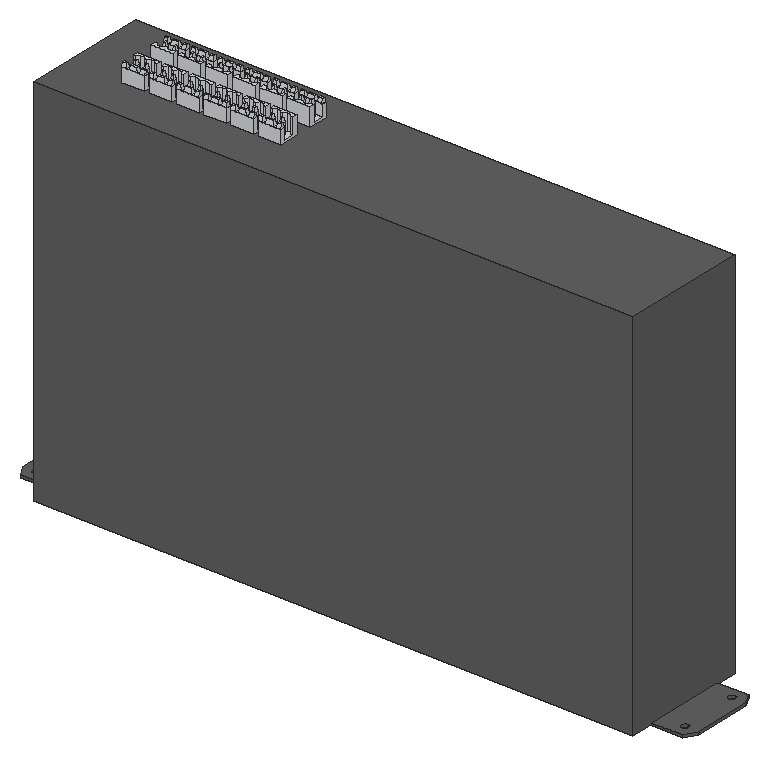
Revit family "БП220 исп3_RV17_LOD400 (05.11.23)", category Электрооборудование, Revit 2017
Family settings
  Конфигурация панели = Два столбца, слева направо
  Размер круглого соединителя = Использовать диаметр
  Тип детали = Щит
  На основе рабочей плоскости = Да
  Всегда вертикально = Нет
  При загрузке вырезать с полостями = Нет
  Общий = Нет
  Точка расчета площади = Нет
Parameters (values of type "БП220 исп3")
  Смещение_УГО_Y [instance] = 0 mm
  Смещение_УГО_X [instance] = 0 mm
  Раздел проекта [instance] = ""
  Раздел Спецификации [instance] = ""
  Default Elevation = 1219.2 mm
  Номинальный потребляемый ток, не более, А = 1.7 A
  Напряжение = "12"
  Максимальный потребляемый ток, не более, А = 3.5 A
  Интерфейс управления = "RS-485"
  Диапазон рабочих температур, °С = "от –40 до +50"
  Выходной ток, А = 29 A
  Время непрерывной работы, ч = "круглосуточно"
  В_Смещение_УГО_Y [instance] = Смещение_УГО_Y + 2000 mm  # 2000 mm
  В_Смещение_УГО_X [instance] = Смещение_УГО_X + 2000 mm  # 2000 mm
  d_короба = 0 mm
  ADSK_Размер_Длина = 299 mm
  ADSK_Размер_Глубина = 166 mm
  ADSK_Размер_Высота = 56 mm
  ADSK_Примечание = ""
  ADSK_Наименование = "Блок питания 220В/12В БП220"
  ADSK_Масса = 2.2
  ADSK_Марка = "СТВФ.426471.015-01"
  ADSK_Количество = 1
  ADSK_Завод-изготовитель = "ООО «Основа Безопасности»"  # constant formula
  ADSK_Единица измерения = "шт."  # constant formula
  ADSK_URL страницы изделия = "https://stilsoft.ru/products/bp220-s-kontrollerom"
  ADSK_URL документации изделия = ""
Reference planes
  plane 1 "По центру (Вперед/Назад)": y = 0
  plane 2: z = 0
  plane 3 "По центру (Влево/Вправо)": x = 0
  plane 4: y = 2000
  plane 5: x = -2000
  plane 6: x = 0
  plane 7: y = 0
  plane 8: x = 149.5
  plane 9: x = -149.5
  plane 10: x = 132.5
  plane 11 "1": x = -132.5
  plane 12: y = 27.6
  plane 13: y = -28.4
  plane 14: z = 166
Forms (mm)
  Extrusion 1, solid, material "Стена по умолчанию", detail levels medium+fine
    sketch origin (0, 27.6, 0) x (0, -1, 0) y (1, 0, 0)
      loop
        line (56, -132.5) -> (56, 132.5) -> (0, 132.5) -> (0, -132.5) -> (56, -132.5)
    from 0 to 166
  Extrusion 2, solid, material "Стена по умолчанию", detail levels medium+fine
    sketch origin (0, 27.6, 0) x (0, -1, 0) y (1, 0, 0)
      loop
        line (10, -132.5) -> (10, -146.613) -> (15, -149.5) -> (41, -149.5) -> (45.9, -146.671) -> (45.9, -132.5) -> (10, -132.5)
      loop
        circle (40.943, -143.445) r 1.6
      loop
        line (10, 132.5) -> (46, 132.5) -> (46, 146.613) -> (41, 149.5) -> (15, 149.5) -> (10, 146.613) -> (10, 132.5)
      loop
        circle (15.057, -143.445) r 1.6
      loop
        circle (40.943, 143.445) r 1.6
      loop
        circle (15.057, 143.445) r 1.6
    from 0 to 1
  Extrusion 3, void, detail levels medium+fine
    sketch origin (0, 27.6, 0) x (1, 0, 0) y (0, 0, 1)
      loop
        line (-72.5, 30) -> (-70, 30) -> (-70, 60) -> (-72.5, 60) -> (-72.5, 30)
      loop
        line (-72.5, 75) -> (-70, 75) -> (-70, 105) -> (-72.5, 105) -> (-72.5, 75)
    from 0 to 10
  Extrusion 4, void
    sketch origin (5, 27.6, 0) x (1, 0, 0) y (0, 0, 1)
      loop
        line (-72.5, 30) -> (-70, 30) -> (-70, 60) -> (-72.5, 60) -> (-72.5, 30)
      loop
        line (-72.5, 75) -> (-70, 75) -> (-70, 105) -> (-72.5, 105) -> (-72.5, 75)
    from 0 to 10
  Extrusion 5, void
    sketch origin (10, 27.6, 0) x (1, 0, 0) y (0, 0, 1)
      loop
        line (-72.5, 30) -> (-70, 30) -> (-70, 60) -> (-72.5, 60) -> (-72.5, 30)
      loop
        line (-72.5, 75) -> (-70, 75) -> (-70, 105) -> (-72.5, 105) -> (-72.5, 75)
    from 0 to 10
  Extrusion 6, void
    sketch origin (15, 27.6, 0) x (1, 0, 0) y (0, 0, 1)
      loop
        line (-72.5, 30) -> (-70, 30) -> (-70, 60) -> (-72.5, 60) -> (-72.5, 30)
      loop
        line (-72.5, 75) -> (-70, 75) -> (-70, 105) -> (-72.5, 105) -> (-72.5, 75)
    from 0 to 10
  Extrusion 7, void
    sketch origin (20, 27.6, 0) x (1, 0, 0) y (0, 0, 1)
      loop
        line (-72.5, 30) -> (-70, 30) -> (-70, 60) -> (-72.5, 60) -> (-72.5, 30)
      loop
        line (-72.5, 75) -> (-70, 75) -> (-70, 105) -> (-72.5, 105) -> (-72.5, 75)
    from 0 to 10
  Extrusion 8, void
    sketch origin (25, 27.6, 0) x (1, 0, 0) y (0, 0, 1)
      loop
        line (-72.5, 30) -> (-70, 30) -> (-70, 60) -> (-72.5, 60) -> (-72.5, 30)
      loop
        line (-72.5, 75) -> (-70, 75) -> (-70, 105) -> (-72.5, 105) -> (-72.5, 75)
    from 0 to 10
  Extrusion 9, void
    sketch origin (30, 27.6, 0) x (1, 0, 0) y (0, 0, 1)
      loop
        line (-72.5, 30) -> (-70, 30) -> (-70, 60) -> (-72.5, 60) -> (-72.5, 30)
      loop
        line (-72.5, 75) -> (-70, 75) -> (-70, 105) -> (-72.5, 105) -> (-72.5, 75)
    from 0 to 10
  Extrusion 10, void
    sketch origin (35, 27.6, 0) x (1, 0, 0) y (0, 0, 1)
      loop
        line (-72.5, 30) -> (-70, 30) -> (-70, 60) -> (-72.5, 60) -> (-72.5, 30)
      loop
        line (-72.5, 75) -> (-70, 75) -> (-70, 105) -> (-72.5, 105) -> (-72.5, 75)
    from 0 to 10
  Extrusion 11, void
    sketch origin (40, 27.6, 0) x (1, 0, 0) y (0, 0, 1)
      loop
        line (-72.5, 30) -> (-70, 30) -> (-70, 60) -> (-72.5, 60) -> (-72.5, 30)
      loop
        line (-72.5, 75) -> (-70, 75) -> (-70, 105) -> (-72.5, 105) -> (-72.5, 75)
    from 0 to 10
  Extrusion 12, void
    sketch origin (45, 27.6, 0) x (1, 0, 0) y (0, 0, 1)
      loop
        line (-72.5, 30) -> (-70, 30) -> (-70, 60) -> (-72.5, 60) -> (-72.5, 30)
      loop
        line (-72.5, 75) -> (-70, 75) -> (-70, 105) -> (-72.5, 105) -> (-72.5, 75)
    from 0 to 10
  Extrusion 13, void
    sketch origin (50, 27.6, 0) x (1, 0, 0) y (0, 0, 1)
      loop
        line (-72.5, 30) -> (-70, 30) -> (-70, 60) -> (-72.5, 60) -> (-72.5, 30)
      loop
        line (-72.5, 75) -> (-70, 75) -> (-70, 105) -> (-72.5, 105) -> (-72.5, 75)
    from 0 to 10
  Extrusion 14, void, detail levels medium+fine
    sketch origin (55, 27.6, 0) x (1, 0, 0) y (0, 0, 1)
      loop
        line (-72.5, 30) -> (-70, 30) -> (-70, 60) -> (-72.5, 60) -> (-72.5, 30)
      loop
        line (-72.5, 75) -> (-70, 75) -> (-70, 105) -> (-72.5, 105) -> (-72.5, 75)
    from 0 to 10
  Extrusion 15, void
    sketch origin (60, 27.6, 0) x (1, 0, 0) y (0, 0, 1)
      loop
        line (-72.5, 30) -> (-70, 30) -> (-70, 60) -> (-72.5, 60) -> (-72.5, 30)
      loop
        line (-72.5, 75) -> (-70, 75) -> (-70, 105) -> (-72.5, 105) -> (-72.5, 75)
    from 0 to 10
  Extrusion 16, void
    sketch origin (65, 27.6, 0) x (1, 0, 0) y (0, 0, 1)
      loop
        line (-72.5, 30) -> (-70, 30) -> (-70, 60) -> (-72.5, 60) -> (-72.5, 30)
      loop
        line (-72.5, 75) -> (-70, 75) -> (-70, 105) -> (-72.5, 105) -> (-72.5, 75)
    from 0 to 10
  Extrusion 17, void, detail levels medium+fine
    sketch origin (150, 27.6, 0) x (-1, 0, 0) y (0, 0, -1)
      loop
        line (83.75, -134.128) -> (83.75, -68.001) -> (81.25, -68.001) -> (81.25, -134.128) -> (83.75, -134.128)
    from 0 to 10
  Extrusion 18, void, detail levels medium+fine
    sketch origin (155, 27.6, 0) x (-1, 0, 0) y (0, 0, -1)
      loop
        line (83.75, -135.278) -> (83.75, -66.733) -> (81.25, -66.733) -> (81.25, -135.278) -> (83.75, -135.278)
    from 0 to 10
  Extrusion 19, void, detail levels medium+fine
    sketch origin (160, 27.6, 0) x (-1, 0, 0) y (0, 0, -1)
      loop
        line (83.75, -135.87) -> (83.75, -65.997) -> (81.25, -65.997) -> (81.25, -135.87) -> (83.75, -135.87)
    from 0 to 10
  Extrusion 20, void, detail levels medium+fine
    sketch origin (145, 27.6, 0) x (-1, 0, 0) y (0, 0, -1)
      loop
        line (83.75, -131.746) -> (83.75, -70.132) -> (81.25, -70.132) -> (81.25, -131.746) -> (83.75, -131.746)
    from 0 to 10
  Extrusion 21, void, detail levels medium+fine
    sketch origin (140, 27.6, 0) x (-1, 0, 0) y (0, 0, -1)
      loop
        line (83.75, -128.183) -> (83.75, -73.669) -> (81.25, -73.669) -> (81.25, -128.183) -> (83.75, -128.183)
    from 0 to 10
  Extrusion 22, void, detail levels medium+fine
    sketch origin (135, 27.6, 0) x (-1, 0, 0) y (0, 0, -1)
      loop
        line (83.75, -123.669) -> (83.75, -78.409) -> (81.25, -78.409) -> (81.25, -123.669) -> (83.75, -123.669)
    from 0 to 10
  Extrusion 23, void, detail levels medium+fine
    sketch origin (130, 27.6, 0) x (-1, 0, 0) y (0, 0, -1)
      loop
        line (83.75, -116.574) -> (83.75, -85.412) -> (81.25, -85.412) -> (81.25, -116.574) -> (83.75, -116.574)
    from 0 to 10
  Extrusion 24, void, detail levels medium+fine
    sketch origin (5, 27.6, 0) x (1, 0, 0) y (0, 0, 1)
      loop
        line (83.75, 134.128) -> (81.25, 134.128) -> (81.25, 68.001) -> (83.75, 68.001) -> (83.75, 134.128)
    from 0 to 10
  Extrusion 25, void, detail levels medium+fine
    sketch origin (0, 27.6, 0) x (1, 0, 0) y (0, 0, 1)
      loop
        line (83.75, 135.278) -> (81.25, 135.278) -> (81.25, 66.733) -> (83.75, 66.733) -> (83.75, 135.278)
    from 0 to 10
  Extrusion 26, void, detail levels medium+fine
    sketch origin (10, 27.6, 0) x (1, 0, 0) y (0, 0, 1)
      loop
        line (83.75, 131.746) -> (81.25, 131.746) -> (81.25, 70.132) -> (83.75, 70.132) -> (83.75, 131.746)
    from 0 to 10
  Extrusion 27, void, detail levels medium+fine
    sketch origin (15, 27.6, 0) x (1, 0, 0) y (0, 0, 1)
      loop
        line (83.75, 128.183) -> (81.25, 128.183) -> (81.25, 73.669) -> (83.75, 73.669) -> (83.75, 128.183)
    from 0 to 10
  Extrusion 28, void, detail levels medium+fine
    sketch origin (20, 27.6, 0) x (1, 0, 0) y (0, 0, 1)
      loop
        line (83.75, 123.669) -> (81.25, 123.669) -> (81.25, 78.409) -> (83.75, 78.409) -> (83.75, 123.669)
    from 0 to 10
  Extrusion 29, void, detail levels medium+fine
    sketch origin (25, 27.6, 0) x (1, 0, 0) y (0, 0, 1)
      loop
        line (83.75, 116.574) -> (81.25, 116.574) -> (81.25, 85.412) -> (83.75, 85.412) -> (83.75, 116.574)
    from 0 to 10
  Extrusion 30, void, detail levels medium+fine
    sketch origin (-132.5, 27.6, -5) x (0, 0, -1) y (0, -1, 0)
      loop
        line (-151, 12.6) -> (-148.5, 12.6) -> (-148.5, 42.6) -> (-151, 42.6) -> (-151, 12.6)
    from 0 to -10
  Extrusion 31, void, detail levels medium+fine
    sketch origin (-132.5, 27.6, -10) x (0, 0, -1) y (0, -1, 0)
      loop
        line (-151, 12.6) -> (-148.5, 12.6) -> (-148.5, 42.6) -> (-151, 42.6) -> (-151, 12.6)
    from 0 to -10
  Extrusion 32, void, detail levels medium+fine
    sketch origin (-132.5, 27.6, -15) x (0, 0, -1) y (0, -1, 0)
      loop
        line (-151, 12.6) -> (-148.5, 12.6) -> (-148.5, 42.6) -> (-151, 42.6) -> (-151, 12.6)
    from 0 to -10
  Extrusion 33, void, detail levels medium+fine
    sketch origin (-132.5, 27.6, -20) x (0, 0, -1) y (0, -1, 0)
      loop
        line (-151, 12.6) -> (-148.5, 12.6) -> (-148.5, 42.6) -> (-151, 42.6) -> (-151, 12.6)
    from 0 to -10
  Extrusion 34, void, detail levels medium+fine
    sketch origin (-132.5, 27.6, -25) x (0, 0, -1) y (0, -1, 0)
      loop
        line (-151, 12.6) -> (-148.5, 12.6) -> (-148.5, 42.6) -> (-151, 42.6) -> (-151, 12.6)
    from 0 to -10
  Extrusion 35, void, detail levels medium+fine
    sketch origin (-132.5, 27.6, -30) x (0, 0, -1) y (0, -1, 0)
      loop
        line (-151, 12.6) -> (-148.5, 12.6) -> (-148.5, 42.6) -> (-151, 42.6) -> (-151, 12.6)
    from 0 to -10
  Extrusion 36, void, detail levels medium+fine
    sketch origin (-132.5, 27.6, -35) x (0, 0, -1) y (0, -1, 0)
      loop
        line (-151, 12.6) -> (-148.5, 12.6) -> (-148.5, 42.6) -> (-151, 42.6) -> (-151, 12.6)
    from 0 to -10
  Extrusion 37, void, detail levels medium+fine
    sketch origin (-132.5, 27.6, -40) x (0, 0, -1) y (0, -1, 0)
      loop
        line (-151, 12.6) -> (-148.5, 12.6) -> (-148.5, 42.6) -> (-151, 42.6) -> (-151, 12.6)
    from 0 to -10
  Extrusion 38, void, detail levels medium+fine
    sketch origin (-132.5, 27.6, -45) x (0, 0, -1) y (0, -1, 0)
      loop
        line (-151, 12.6) -> (-148.5, 12.6) -> (-148.5, 42.6) -> (-151, 42.6) -> (-151, 12.6)
    from 0 to -10
  Extrusion 39, void, detail levels medium+fine
    sketch origin (-132.5, 27.6, -50) x (0, 0, -1) y (0, -1, 0)
      loop
        line (-151, 12.6) -> (-148.5, 12.6) -> (-148.5, 42.6) -> (-151, 42.6) -> (-151, 12.6)
    from 0 to -10
  Extrusion 40, void, detail levels medium+fine
    sketch origin (-132.5, 27.6, -55) x (0, 0, -1) y (0, -1, 0)
      loop
        line (-151, 12.6) -> (-148.5, 12.6) -> (-148.5, 42.6) -> (-151, 42.6) -> (-151, 12.6)
    from 0 to -10
  Extrusion 41, void, detail levels medium+fine
    sketch origin (-132.5, 27.6, -60) x (0, 0, -1) y (0, -1, 0)
      loop
        line (-151, 12.6) -> (-148.5, 12.6) -> (-148.5, 42.6) -> (-151, 42.6) -> (-151, 12.6)
    from 0 to -10
  Extrusion 42, void, detail levels medium+fine
    sketch origin (-132.5, 27.6, -65) x (0, 0, -1) y (0, -1, 0)
      loop
        line (-151, 12.6) -> (-148.5, 12.6) -> (-148.5, 42.6) -> (-151, 42.6) -> (-151, 12.6)
    from 0 to -10
  Extrusion 43, void, detail levels medium+fine
    sketch origin (-132.5, 27.6, -70) x (0, 0, -1) y (0, -1, 0)
      loop
        line (-151, 12.6) -> (-148.5, 12.6) -> (-148.5, 42.6) -> (-151, 42.6) -> (-151, 12.6)
    from 0 to -10
  Extrusion 44, void, detail levels medium+fine
    sketch origin (-132.5, 27.6, 0) x (0, 0, -1) y (0, -1, 0)
      loop
        line (-151, 12.6) -> (-148.5, 12.6) -> (-148.5, 42.6) -> (-151, 42.6) -> (-151, 12.6)
    from 0 to -10
  Extrusion 45, solid, detail levels medium+fine
    sketch origin (0, 27.6, 166) x (-1, 0, 0) y (0, -1, 0)
      loop
        line (98.62, 21.184) -> (98.62, 19.202) -> (99.495, 19.202) -> (100.459, 20.166) -> (102.219, 20.166) -> (103.183, 19.202) -> (104.058, 19.202) -> (105.022, 20.166) -> (106.781, 20.166) -> (107.745, 19.202) -> (108.62, 19.202) -> (108.62, 21.184) -> (98.62, 21.184)
    from 0 to 8
  Extrusion 46, solid, detail levels medium+fine
    sketch origin (0, 27.6, 166) x (-1, 0, 0) y (0, -1, 0)
      loop
        line (98.62, 12.584) -> (108.62, 12.584) -> (108.62, 14.187) -> (98.62, 14.187) -> (98.62, 12.584)
      loop
        line (100.794, 17.33) -> (100.794, 15.959) -> (102.002, 15.959) -> (102.002, 17.33) -> (100.794, 17.33)
      loop
        line (106.446, 17.33) -> (105.238, 17.33) -> (105.238, 15.959) -> (106.446, 15.959) -> (106.446, 17.33)
    from 0 to 6
  Extrusion 47, solid, detail levels medium+fine
    sketch origin (0, 27.6, 166) x (-1, 0, 0) y (0, -1, 0)
      loop
        line (98.62, 21.184) -> (98.62, 12.584) -> (108.62, 12.584) -> (108.62, 21.184) -> (98.62, 21.184)
    from 0 to 1
  Blend 48, solid, detail levels medium+fine
    base sketch origin (0, 27.6, 166) x (-1, 0, 0) y (0, -1, 0)
      loop
        line (100.794, 17.33) -> (100.794, 15.959) -> (102.002, 15.959) -> (102.002, 17.33) -> (100.794, 17.33)
    top sketch origin (0, 27.6, 166) x (-1, 0, 0) y (0, -1, 0)
      loop
        line (101.026, 17.048) -> (101.026, 16.244) -> (101.812, 16.244) -> (101.812, 17.048) -> (101.026, 17.048)
    from 6 to 8
  Blend 49, solid, detail levels medium+fine
    base sketch origin (-4.444, 27.6, 166) x (-1, 0, 0) y (0, -1, 0)
      loop
        line (100.794, 17.33) -> (100.794, 15.959) -> (102.002, 15.959) -> (102.002, 17.33) -> (100.794, 17.33)
    top sketch origin (-4.444, 27.6, 166) x (-1, 0, 0) y (0, -1, 0)
      loop
        line (101.026, 17.048) -> (101.026, 16.244) -> (101.812, 16.244) -> (101.812, 17.048) -> (101.026, 17.048)
    from 6 to 8
  Blend 50, solid, detail levels medium+fine
    base sketch origin (0, 27.6, 166) x (-1, 0, 0) y (0, -1, 0)
      loop
        line (101.875, 14.187) -> (101.875, 12.584) -> (105.457, 12.584) -> (105.457, 14.187) -> (101.875, 14.187)
    top sketch origin (0, 27.6, 166) x (-1, 0, 0) y (0, -1, 0)
      loop
        line (102.306, 13.751) -> (102.306, 12.968) -> (105.125, 12.968) -> (105.125, 13.751) -> (102.306, 13.751)
    from 6 to 8
  Blend 51, solid, detail levels medium+fine
    base sketch origin (0, 27.6, 166) x (-1, 0, 0) y (0, -1, 0)
      loop
        line (106.585, 14.187) -> (106.585, 12.584) -> (108.62, 12.584) -> (108.62, 14.187) -> (106.585, 14.187)
    top sketch origin (0, 27.6, 166) x (-1, 0, 0) y (0, -1, 0)
      loop
        line (106.948, 13.801) -> (106.948, 12.962) -> (108.62, 12.962) -> (108.62, 13.801) -> (106.948, 13.801)
    from 6 to 8
  Blend 52, solid, detail levels medium+fine
    base sketch origin (-207.332, 27.6, 166) x (1, 0, 0) y (0, 1, 0)
      loop
        line (106.585, -14.187) -> (108.62, -14.187) -> (108.62, -12.584) -> (106.585, -12.584) -> (106.585, -14.187)
    top sketch origin (-207.332, 27.6, 166) x (1, 0, 0) y (0, 1, 0)
      loop
        line (106.948, -13.801) -> (108.62, -13.801) -> (108.62, -12.962) -> (106.948, -12.962) -> (106.948, -13.801)
    from 6 to 8
  Extrusion 53, solid, detail levels medium+fine
    sketch origin (12.049, 27.6, 166) x (-1, 0, 0) y (0, -1, 0)
      loop
        line (98.62, 21.184) -> (98.62, 19.202) -> (99.495, 19.202) -> (100.459, 20.166) -> (102.219, 20.166) -> (103.183, 19.202) -> (104.058, 19.202) -> (105.022, 20.166) -> (106.781, 20.166) -> (107.745, 19.202) -> (108.62, 19.202) -> (108.62, 21.184) -> (98.62, 21.184)
    from 0 to 8
  Extrusion 54, solid, detail levels medium+fine
    sketch origin (12.049, 27.6, 166) x (-1, 0, 0) y (0, -1, 0)
      loop
        line (98.62, 12.584) -> (108.62, 12.584) -> (108.62, 14.187) -> (98.62, 14.187) -> (98.62, 12.584)
      loop
        line (100.794, 17.33) -> (100.794, 15.959) -> (102.002, 15.959) -> (102.002, 17.33) -> (100.794, 17.33)
      loop
        line (106.446, 17.33) -> (105.238, 17.33) -> (105.238, 15.959) -> (106.446, 15.959) -> (106.446, 17.33)
    from 0 to 6
  Extrusion 55, solid, detail levels medium+fine
    sketch origin (12.049, 27.6, 166) x (-1, 0, 0) y (0, -1, 0)
      loop
        line (98.62, 21.184) -> (98.62, 12.584) -> (108.62, 12.584) -> (108.62, 21.184) -> (98.62, 21.184)
    from 0 to 1
  Blend 56, solid, detail levels medium+fine
    base sketch origin (12.049, 27.6, 166) x (-1, 0, 0) y (0, -1, 0)
      loop
        line (100.794, 17.33) -> (100.794, 15.959) -> (102.002, 15.959) -> (102.002, 17.33) -> (100.794, 17.33)
    top sketch origin (12.049, 27.6, 166) x (-1, 0, 0) y (0, -1, 0)
      loop
        line (101.026, 17.048) -> (101.026, 16.244) -> (101.812, 16.244) -> (101.812, 17.048) -> (101.026, 17.048)
    from 6 to 8
  Blend 57, solid, detail levels medium+fine
    base sketch origin (7.605, 27.6, 166) x (-1, 0, 0) y (0, -1, 0)
      loop
        line (100.794, 17.33) -> (100.794, 15.959) -> (102.002, 15.959) -> (102.002, 17.33) -> (100.794, 17.33)
    top sketch origin (7.605, 27.6, 166) x (-1, 0, 0) y (0, -1, 0)
      loop
        line (101.026, 17.048) -> (101.026, 16.244) -> (101.812, 16.244) -> (101.812, 17.048) -> (101.026, 17.048)
    from 6 to 8
  Blend 58, solid, detail levels medium+fine
    base sketch origin (12.049, 27.6, 166) x (-1, 0, 0) y (0, -1, 0)
      loop
        line (101.875, 14.187) -> (101.875, 12.584) -> (105.457, 12.584) -> (105.457, 14.187) -> (101.875, 14.187)
    top sketch origin (12.049, 27.6, 166) x (-1, 0, 0) y (0, -1, 0)
      loop
        line (102.306, 13.751) -> (102.306, 12.968) -> (105.125, 12.968) -> (105.125, 13.751) -> (102.306, 13.751)
    from 6 to 8
  Blend 59, solid, detail levels medium+fine
    base sketch origin (12.049, 27.6, 166) x (-1, 0, 0) y (0, -1, 0)
      loop
        line (106.585, 14.187) -> (106.585, 12.584) -> (108.62, 12.584) -> (108.62, 14.187) -> (106.585, 14.187)
    top sketch origin (12.049, 27.6, 166) x (-1, 0, 0) y (0, -1, 0)
      loop
        line (106.948, 13.801) -> (106.948, 12.962) -> (108.62, 12.962) -> (108.62, 13.801) -> (106.948, 13.801)
    from 6 to 8
  Blend 60, solid, detail levels medium+fine
    base sketch origin (-195.283, 27.6, 166) x (1, 0, 0) y (0, 1, 0)
      loop
        line (106.585, -14.187) -> (108.62, -14.187) -> (108.62, -12.584) -> (106.585, -12.584) -> (106.585, -14.187)
    top sketch origin (-195.283, 27.6, 166) x (1, 0, 0) y (0, 1, 0)
      loop
        line (106.948, -13.801) -> (108.62, -13.801) -> (108.62, -12.962) -> (106.948, -12.962) -> (106.948, -13.801)
    from 6 to 8
  Extrusion 61, solid, detail levels medium+fine
    sketch origin (24.097, 27.6, 166) x (-1, 0, 0) y (0, -1, 0)
      loop
        line (98.62, 21.184) -> (98.62, 19.202) -> (99.495, 19.202) -> (100.459, 20.166) -> (102.219, 20.166) -> (103.183, 19.202) -> (104.058, 19.202) -> (105.022, 20.166) -> (106.781, 20.166) -> (107.745, 19.202) -> (108.62, 19.202) -> (108.62, 21.184) -> (98.62, 21.184)
    from 0 to 8
  Extrusion 62, solid, detail levels medium+fine
    sketch origin (24.097, 27.6, 166) x (-1, 0, 0) y (0, -1, 0)
      loop
        line (98.62, 12.584) -> (108.62, 12.584) -> (108.62, 14.187) -> (98.62, 14.187) -> (98.62, 12.584)
      loop
        line (100.794, 17.33) -> (100.794, 15.959) -> (102.002, 15.959) -> (102.002, 17.33) -> (100.794, 17.33)
      loop
        line (106.446, 17.33) -> (105.238, 17.33) -> (105.238, 15.959) -> (106.446, 15.959) -> (106.446, 17.33)
    from 0 to 6
  Extrusion 63, solid, detail levels medium+fine
    sketch origin (24.097, 27.6, 166) x (-1, 0, 0) y (0, -1, 0)
      loop
        line (98.62, 21.184) -> (98.62, 12.584) -> (108.62, 12.584) -> (108.62, 21.184) -> (98.62, 21.184)
    from 0 to 1
  Blend 64, solid, detail levels medium+fine
    base sketch origin (24.097, 27.6, 166) x (-1, 0, 0) y (0, -1, 0)
      loop
        line (100.794, 17.33) -> (100.794, 15.959) -> (102.002, 15.959) -> (102.002, 17.33) -> (100.794, 17.33)
    top sketch origin (24.097, 27.6, 166) x (-1, 0, 0) y (0, -1, 0)
      loop
        line (101.026, 17.048) -> (101.026, 16.244) -> (101.812, 16.244) -> (101.812, 17.048) -> (101.026, 17.048)
    from 6 to 8
  Blend 65, solid, detail levels medium+fine
    base sketch origin (19.653, 27.6, 166) x (-1, 0, 0) y (0, -1, 0)
      loop
        line (100.794, 17.33) -> (100.794, 15.959) -> (102.002, 15.959) -> (102.002, 17.33) -> (100.794, 17.33)
    top sketch origin (19.653, 27.6, 166) x (-1, 0, 0) y (0, -1, 0)
      loop
        line (101.026, 17.048) -> (101.026, 16.244) -> (101.812, 16.244) -> (101.812, 17.048) -> (101.026, 17.048)
    from 6 to 8
  Blend 66, solid, detail levels medium+fine
    base sketch origin (24.097, 27.6, 166) x (-1, 0, 0) y (0, -1, 0)
      loop
        line (101.875, 14.187) -> (101.875, 12.584) -> (105.457, 12.584) -> (105.457, 14.187) -> (101.875, 14.187)
    top sketch origin (24.097, 27.6, 166) x (-1, 0, 0) y (0, -1, 0)
      loop
        line (102.306, 13.751) -> (102.306, 12.968) -> (105.125, 12.968) -> (105.125, 13.751) -> (102.306, 13.751)
    from 6 to 8
  Blend 67, solid, detail levels medium+fine
    base sketch origin (24.097, 27.6, 166) x (-1, 0, 0) y (0, -1, 0)
      loop
        line (106.585, 14.187) -> (106.585, 12.584) -> (108.62, 12.584) -> (108.62, 14.187) -> (106.585, 14.187)
    top sketch origin (24.097, 27.6, 166) x (-1, 0, 0) y (0, -1, 0)
      loop
        line (106.948, 13.801) -> (106.948, 12.962) -> (108.62, 12.962) -> (108.62, 13.801) -> (106.948, 13.801)
    from 6 to 8
  Blend 68, solid, detail levels medium+fine
    base sketch origin (-183.234, 27.6, 166) x (1, 0, 0) y (0, 1, 0)
      loop
        line (106.585, -14.187) -> (108.62, -14.187) -> (108.62, -12.584) -> (106.585, -12.584) -> (106.585, -14.187)
    top sketch origin (-183.234, 27.6, 166) x (1, 0, 0) y (0, 1, 0)
      loop
        line (106.948, -13.801) -> (108.62, -13.801) -> (108.62, -12.962) -> (106.948, -12.962) -> (106.948, -13.801)
    from 6 to 8
  Extrusion 69, solid, detail levels medium+fine
    sketch origin (36.146, 27.6, 166) x (-1, 0, 0) y (0, -1, 0)
      loop
        line (98.62, 21.184) -> (98.62, 19.202) -> (99.495, 19.202) -> (100.459, 20.166) -> (102.219, 20.166) -> (103.183, 19.202) -> (104.058, 19.202) -> (105.022, 20.166) -> (106.781, 20.166) -> (107.745, 19.202) -> (108.62, 19.202) -> (108.62, 21.184) -> (98.62, 21.184)
    from 0 to 8
  Extrusion 70, solid, detail levels medium+fine
    sketch origin (36.146, 27.6, 166) x (-1, 0, 0) y (0, -1, 0)
      loop
        line (98.62, 12.584) -> (108.62, 12.584) -> (108.62, 14.187) -> (98.62, 14.187) -> (98.62, 12.584)
      loop
        line (100.794, 17.33) -> (100.794, 15.959) -> (102.002, 15.959) -> (102.002, 17.33) -> (100.794, 17.33)
      loop
        line (106.446, 17.33) -> (105.238, 17.33) -> (105.238, 15.959) -> (106.446, 15.959) -> (106.446, 17.33)
    from 0 to 6
  Extrusion 71, solid, detail levels medium+fine
    sketch origin (36.146, 27.6, 166) x (-1, 0, 0) y (0, -1, 0)
      loop
        line (98.62, 21.184) -> (98.62, 12.584) -> (108.62, 12.584) -> (108.62, 21.184) -> (98.62, 21.184)
    from 0 to 1
  Blend 72, solid, detail levels medium+fine
    base sketch origin (36.146, 27.6, 166) x (-1, 0, 0) y (0, -1, 0)
      loop
        line (100.794, 17.33) -> (100.794, 15.959) -> (102.002, 15.959) -> (102.002, 17.33) -> (100.794, 17.33)
    top sketch origin (36.146, 27.6, 166) x (-1, 0, 0) y (0, -1, 0)
      loop
        line (101.026, 17.048) -> (101.026, 16.244) -> (101.812, 16.244) -> (101.812, 17.048) -> (101.026, 17.048)
    from 6 to 8
  Blend 73, solid, detail levels medium+fine
    base sketch origin (31.702, 27.6, 166) x (-1, 0, 0) y (0, -1, 0)
      loop
        line (100.794, 17.33) -> (100.794, 15.959) -> (102.002, 15.959) -> (102.002, 17.33) -> (100.794, 17.33)
    top sketch origin (31.702, 27.6, 166) x (-1, 0, 0) y (0, -1, 0)
      loop
        line (101.026, 17.048) -> (101.026, 16.244) -> (101.812, 16.244) -> (101.812, 17.048) -> (101.026, 17.048)
    from 6 to 8
  Blend 74, solid, detail levels medium+fine
    base sketch origin (36.146, 27.6, 166) x (-1, 0, 0) y (0, -1, 0)
      loop
        line (101.875, 14.187) -> (101.875, 12.584) -> (105.457, 12.584) -> (105.457, 14.187) -> (101.875, 14.187)
    top sketch origin (36.146, 27.6, 166) x (-1, 0, 0) y (0, -1, 0)
      loop
        line (102.306, 13.751) -> (102.306, 12.968) -> (105.125, 12.968) -> (105.125, 13.751) -> (102.306, 13.751)
    from 6 to 8
  Blend 75, solid, detail levels medium+fine
    base sketch origin (36.146, 27.6, 166) x (-1, 0, 0) y (0, -1, 0)
      loop
        line (106.585, 14.187) -> (106.585, 12.584) -> (108.62, 12.584) -> (108.62, 14.187) -> (106.585, 14.187)
    top sketch origin (36.146, 27.6, 166) x (-1, 0, 0) y (0, -1, 0)
      loop
        line (106.948, 13.801) -> (106.948, 12.962) -> (108.62, 12.962) -> (108.62, 13.801) -> (106.948, 13.801)
    from 6 to 8
  Blend 76, solid, detail levels medium+fine
    base sketch origin (-171.186, 27.6, 166) x (1, 0, 0) y (0, 1, 0)
      loop
        line (106.585, -14.187) -> (108.62, -14.187) -> (108.62, -12.584) -> (106.585, -12.584) -> (106.585, -14.187)
    top sketch origin (-171.186, 27.6, 166) x (1, 0, 0) y (0, 1, 0)
      loop
        line (106.948, -13.801) -> (108.62, -13.801) -> (108.62, -12.962) -> (106.948, -12.962) -> (106.948, -13.801)
    from 6 to 8
  Extrusion 77, solid, detail levels medium+fine
    sketch origin (48.195, 27.6, 166) x (-1, 0, 0) y (0, -1, 0)
      loop
        line (98.62, 21.184) -> (98.62, 19.202) -> (99.495, 19.202) -> (100.459, 20.166) -> (102.219, 20.166) -> (103.183, 19.202) -> (104.058, 19.202) -> (105.022, 20.166) -> (106.781, 20.166) -> (107.745, 19.202) -> (108.62, 19.202) -> (108.62, 21.184) -> (98.62, 21.184)
    from 0 to 8
  Extrusion 78, solid, detail levels medium+fine
    sketch origin (48.195, 27.6, 166) x (-1, 0, 0) y (0, -1, 0)
      loop
        line (98.62, 12.584) -> (108.62, 12.584) -> (108.62, 14.187) -> (98.62, 14.187) -> (98.62, 12.584)
      loop
        line (100.794, 17.33) -> (100.794, 15.959) -> (102.002, 15.959) -> (102.002, 17.33) -> (100.794, 17.33)
      loop
        line (106.446, 17.33) -> (105.238, 17.33) -> (105.238, 15.959) -> (106.446, 15.959) -> (106.446, 17.33)
    from 0 to 6
  Extrusion 79, solid, detail levels medium+fine
    sketch origin (48.195, 27.6, 166) x (-1, 0, 0) y (0, -1, 0)
      loop
        line (98.62, 21.184) -> (98.62, 12.584) -> (108.62, 12.584) -> (108.62, 21.184) -> (98.62, 21.184)
    from 0 to 1
  Blend 80, solid, detail levels medium+fine
    base sketch origin (48.195, 27.6, 166) x (-1, 0, 0) y (0, -1, 0)
      loop
        line (100.794, 17.33) -> (100.794, 15.959) -> (102.002, 15.959) -> (102.002, 17.33) -> (100.794, 17.33)
    top sketch origin (48.195, 27.6, 166) x (-1, 0, 0) y (0, -1, 0)
      loop
        line (101.026, 17.048) -> (101.026, 16.244) -> (101.812, 16.244) -> (101.812, 17.048) -> (101.026, 17.048)
    from 6 to 8
  Blend 81, solid, detail levels medium+fine
    base sketch origin (43.751, 27.6, 166) x (-1, 0, 0) y (0, -1, 0)
      loop
        line (100.794, 17.33) -> (100.794, 15.959) -> (102.002, 15.959) -> (102.002, 17.33) -> (100.794, 17.33)
    top sketch origin (43.751, 27.6, 166) x (-1, 0, 0) y (0, -1, 0)
      loop
        line (101.026, 17.048) -> (101.026, 16.244) -> (101.812, 16.244) -> (101.812, 17.048) -> (101.026, 17.048)
    from 6 to 8
  Blend 82, solid, detail levels medium+fine
    base sketch origin (48.195, 27.6, 166) x (-1, 0, 0) y (0, -1, 0)
      loop
        line (101.875, 14.187) -> (101.875, 12.584) -> (105.457, 12.584) -> (105.457, 14.187) -> (101.875, 14.187)
    top sketch origin (48.195, 27.6, 166) x (-1, 0, 0) y (0, -1, 0)
      loop
        line (102.306, 13.751) -> (102.306, 12.968) -> (105.125, 12.968) -> (105.125, 13.751) -> (102.306, 13.751)
    from 6 to 8
  Blend 83, solid, detail levels medium+fine
    base sketch origin (48.195, 27.6, 166) x (-1, 0, 0) y (0, -1, 0)
      loop
        line (106.585, 14.187) -> (106.585, 12.584) -> (108.62, 12.584) -> (108.62, 14.187) -> (106.585, 14.187)
    top sketch origin (48.195, 27.6, 166) x (-1, 0, 0) y (0, -1, 0)
      loop
        line (106.948, 13.801) -> (106.948, 12.962) -> (108.62, 12.962) -> (108.62, 13.801) -> (106.948, 13.801)
    from 6 to 8
  Blend 84, solid, detail levels medium+fine
    base sketch origin (-159.137, 27.6, 166) x (1, 0, 0) y (0, 1, 0)
      loop
        line (106.585, -14.187) -> (108.62, -14.187) -> (108.62, -12.584) -> (106.585, -12.584) -> (106.585, -14.187)
    top sketch origin (-159.137, 27.6, 166) x (1, 0, 0) y (0, 1, 0)
      loop
        line (106.948, -13.801) -> (108.62, -13.801) -> (108.62, -12.962) -> (106.948, -12.962) -> (106.948, -13.801)
    from 6 to 8
  Extrusion 85, solid, detail levels medium+fine
    sketch origin (60.243, 27.6, 166) x (-1, 0, 0) y (0, -1, 0)
      loop
        line (98.62, 21.184) -> (98.62, 19.202) -> (99.495, 19.202) -> (100.459, 20.166) -> (102.219, 20.166) -> (103.183, 19.202) -> (104.058, 19.202) -> (105.022, 20.166) -> (106.781, 20.166) -> (107.745, 19.202) -> (108.62, 19.202) -> (108.62, 21.184) -> (98.62, 21.184)
    from 0 to 8
  Extrusion 86, solid, detail levels medium+fine
    sketch origin (60.243, 27.6, 166) x (-1, 0, 0) y (0, -1, 0)
      loop
        line (98.62, 12.584) -> (108.62, 12.584) -> (108.62, 14.187) -> (98.62, 14.187) -> (98.62, 12.584)
      loop
        line (100.794, 17.33) -> (100.794, 15.959) -> (102.002, 15.959) -> (102.002, 17.33) -> (100.794, 17.33)
      loop
        line (106.446, 17.33) -> (105.238, 17.33) -> (105.238, 15.959) -> (106.446, 15.959) -> (106.446, 17.33)
    from 0 to 6
  Extrusion 87, solid, detail levels medium+fine
    sketch origin (60.243, 27.6, 166) x (-1, 0, 0) y (0, -1, 0)
      loop
        line (98.62, 21.184) -> (98.62, 12.584) -> (108.62, 12.584) -> (108.62, 21.184) -> (98.62, 21.184)
    from 0 to 1
  Blend 88, solid, detail levels medium+fine
    base sketch origin (60.243, 27.6, 166) x (-1, 0, 0) y (0, -1, 0)
      loop
        line (100.794, 17.33) -> (100.794, 15.959) -> (102.002, 15.959) -> (102.002, 17.33) -> (100.794, 17.33)
    top sketch origin (60.243, 27.6, 166) x (-1, 0, 0) y (0, -1, 0)
      loop
        line (101.026, 17.048) -> (101.026, 16.244) -> (101.812, 16.244) -> (101.812, 17.048) -> (101.026, 17.048)
    from 6 to 8
  Blend 89, solid, detail levels medium+fine
    base sketch origin (55.799, 27.6, 166) x (-1, 0, 0) y (0, -1, 0)
      loop
        line (100.794, 17.33) -> (100.794, 15.959) -> (102.002, 15.959) -> (102.002, 17.33) -> (100.794, 17.33)
    top sketch origin (55.799, 27.6, 166) x (-1, 0, 0) y (0, -1, 0)
      loop
        line (101.026, 17.048) -> (101.026, 16.244) -> (101.812, 16.244) -> (101.812, 17.048) -> (101.026, 17.048)
    from 6 to 8
  Blend 90, solid, detail levels medium+fine
    base sketch origin (60.243, 27.6, 166) x (-1, 0, 0) y (0, -1, 0)
      loop
        line (101.875, 14.187) -> (101.875, 12.584) -> (105.457, 12.584) -> (105.457, 14.187) -> (101.875, 14.187)
    top sketch origin (60.243, 27.6, 166) x (-1, 0, 0) y (0, -1, 0)
      loop
        line (102.306, 13.751) -> (102.306, 12.968) -> (105.125, 12.968) -> (105.125, 13.751) -> (102.306, 13.751)
    from 6 to 8
  Blend 91, solid, detail levels medium+fine
    base sketch origin (60.243, 27.6, 166) x (-1, 0, 0) y (0, -1, 0)
      loop
        line (106.585, 14.187) -> (106.585, 12.584) -> (108.62, 12.584) -> (108.62, 14.187) -> (106.585, 14.187)
    top sketch origin (60.243, 27.6, 166) x (-1, 0, 0) y (0, -1, 0)
      loop
        line (106.948, 13.801) -> (106.948, 12.962) -> (108.62, 12.962) -> (108.62, 13.801) -> (106.948, 13.801)
    from 6 to 8
  Blend 92, solid, detail levels medium+fine
    base sketch origin (-147.088, 27.6, 166) x (1, 0, 0) y (0, 1, 0)
      loop
        line (106.585, -14.187) -> (108.62, -14.187) -> (108.62, -12.584) -> (106.585, -12.584) -> (106.585, -14.187)
    top sketch origin (-147.088, 27.6, 166) x (1, 0, 0) y (0, 1, 0)
      loop
        line (106.948, -13.801) -> (108.62, -13.801) -> (108.62, -12.962) -> (106.948, -12.962) -> (106.948, -13.801)
    from 6 to 8
  Extrusion 93, solid, detail levels medium+fine
    sketch origin (0, -22.053, 166) x (-1, 0, 0) y (0, -1, 0)
      loop
        line (98.62, -21.184) -> (108.62, -21.184) -> (108.62, -19.202) -> (107.745, -19.202) -> (106.781, -20.166) -> (105.022, -20.166) -> (104.058, -19.202) -> (103.183, -19.202) -> (102.219, -20.166) -> (100.459, -20.166) -> (99.495, -19.202) -> (98.62, -19.202) -> (98.62, -21.184)
    from 0 to 8
  Extrusion 94, solid, detail levels medium+fine
    sketch origin (0, -22.053, 166) x (-1, 0, 0) y (0, -1, 0)
      loop
        line (98.62, -12.584) -> (98.62, -14.187) -> (108.62, -14.187) -> (108.62, -12.584) -> (98.62, -12.584)
      loop
        line (100.794, -17.33) -> (102.002, -17.33) -> (102.002, -15.959) -> (100.794, -15.959) -> (100.794, -17.33)
      loop
        line (106.446, -17.33) -> (106.446, -15.959) -> (105.238, -15.959) -> (105.238, -17.33) -> (106.446, -17.33)
    from 0 to 6
  Extrusion 95, solid, detail levels medium+fine
    sketch origin (0, -22.053, 166) x (-1, 0, 0) y (0, -1, 0)
      loop
        line (98.62, -21.184) -> (108.62, -21.184) -> (108.62, -12.584) -> (98.62, -12.584) -> (98.62, -21.184)
    from 0 to 1
  Blend 96, solid, detail levels medium+fine
    base sketch origin (0, -22.053, 166) x (-1, 0, 0) y (0, -1, 0)
      loop
        line (100.794, -17.33) -> (102.002, -17.33) -> (102.002, -15.959) -> (100.794, -15.959) -> (100.794, -17.33)
    top sketch origin (0, -22.053, 166) x (-1, 0, 0) y (0, -1, 0)
      loop
        line (101.026, -17.048) -> (101.812, -17.048) -> (101.812, -16.244) -> (101.026, -16.244) -> (101.026, -17.048)
    from 6 to 8
  Blend 97, solid, detail levels medium+fine
    base sketch origin (-4.444, -22.053, 166) x (-1, 0, 0) y (0, -1, 0)
      loop
        line (100.794, -17.33) -> (102.002, -17.33) -> (102.002, -15.959) -> (100.794, -15.959) -> (100.794, -17.33)
    top sketch origin (-4.444, -22.053, 166) x (-1, 0, 0) y (0, -1, 0)
      loop
        line (101.026, -17.048) -> (101.812, -17.048) -> (101.812, -16.244) -> (101.026, -16.244) -> (101.026, -17.048)
    from 6 to 8
  Blend 98, solid, detail levels medium+fine
    base sketch origin (0, -22.053, 166) x (-1, 0, 0) y (0, -1, 0)
      loop
        line (101.875, -14.187) -> (105.457, -14.187) -> (105.457, -12.584) -> (101.875, -12.584) -> (101.875, -14.187)
    top sketch origin (0, -22.053, 166) x (-1, 0, 0) y (0, -1, 0)
      loop
        line (102.306, -13.751) -> (105.125, -13.751) -> (105.125, -12.968) -> (102.306, -12.968) -> (102.306, -13.751)
    from 6 to 8
  Blend 99, solid, detail levels medium+fine
    base sketch origin (0, -22.053, 166) x (-1, 0, 0) y (0, -1, 0)
      loop
        line (106.585, -14.187) -> (108.62, -14.187) -> (108.62, -12.584) -> (106.585, -12.584) -> (106.585, -14.187)
    top sketch origin (0, -22.053, 166) x (-1, 0, 0) y (0, -1, 0)
      loop
        line (106.948, -13.801) -> (108.62, -13.801) -> (108.62, -12.962) -> (106.948, -12.962) -> (106.948, -13.801)
    from 6 to 8
  Blend 100, solid, detail levels medium+fine
    base sketch origin (-207.332, -22.053, 166) x (1, 0, 0) y (0, 1, 0)
      loop
        line (106.585, 14.187) -> (106.585, 12.584) -> (108.62, 12.584) -> (108.62, 14.187) -> (106.585, 14.187)
    top sketch origin (-207.332, -22.053, 166) x (1, 0, 0) y (0, 1, 0)
      loop
        line (106.948, 13.801) -> (106.948, 12.962) -> (108.62, 12.962) -> (108.62, 13.801) -> (106.948, 13.801)
    from 6 to 8
  Extrusion 101, solid, detail levels medium+fine
    sketch origin (12.049, -22.053, 166) x (-1, 0, 0) y (0, -1, 0)
      loop
        line (98.62, -21.184) -> (108.62, -21.184) -> (108.62, -19.202) -> (107.745, -19.202) -> (106.781, -20.166) -> (105.022, -20.166) -> (104.058, -19.202) -> (103.183, -19.202) -> (102.219, -20.166) -> (100.459, -20.166) -> (99.495, -19.202) -> (98.62, -19.202) -> (98.62, -21.184)
    from 0 to 8
  Extrusion 102, solid, detail levels medium+fine
    sketch origin (12.049, -22.053, 166) x (-1, 0, 0) y (0, -1, 0)
      loop
        line (98.62, -12.584) -> (98.62, -14.187) -> (108.62, -14.187) -> (108.62, -12.584) -> (98.62, -12.584)
      loop
        line (100.794, -17.33) -> (102.002, -17.33) -> (102.002, -15.959) -> (100.794, -15.959) -> (100.794, -17.33)
      loop
        line (106.446, -17.33) -> (106.446, -15.959) -> (105.238, -15.959) -> (105.238, -17.33) -> (106.446, -17.33)
    from 0 to 6
  Extrusion 103, solid, detail levels medium+fine
    sketch origin (12.049, -22.053, 166) x (-1, 0, 0) y (0, -1, 0)
      loop
        line (98.62, -21.184) -> (108.62, -21.184) -> (108.62, -12.584) -> (98.62, -12.584) -> (98.62, -21.184)
    from 0 to 1
  Blend 104, solid, detail levels medium+fine
    base sketch origin (12.049, -22.053, 166) x (-1, 0, 0) y (0, -1, 0)
      loop
        line (100.794, -17.33) -> (102.002, -17.33) -> (102.002, -15.959) -> (100.794, -15.959) -> (100.794, -17.33)
    top sketch origin (12.049, -22.053, 166) x (-1, 0, 0) y (0, -1, 0)
      loop
        line (101.026, -17.048) -> (101.812, -17.048) -> (101.812, -16.244) -> (101.026, -16.244) -> (101.026, -17.048)
    from 6 to 8
  Blend 105, solid, detail levels medium+fine
    base sketch origin (7.605, -22.053, 166) x (-1, 0, 0) y (0, -1, 0)
      loop
        line (100.794, -17.33) -> (102.002, -17.33) -> (102.002, -15.959) -> (100.794, -15.959) -> (100.794, -17.33)
    top sketch origin (7.605, -22.053, 166) x (-1, 0, 0) y (0, -1, 0)
      loop
        line (101.026, -17.048) -> (101.812, -17.048) -> (101.812, -16.244) -> (101.026, -16.244) -> (101.026, -17.048)
    from 6 to 8
  Blend 106, solid, detail levels medium+fine
    base sketch origin (12.049, -22.053, 166) x (-1, 0, 0) y (0, -1, 0)
      loop
        line (101.875, -14.187) -> (105.457, -14.187) -> (105.457, -12.584) -> (101.875, -12.584) -> (101.875, -14.187)
    top sketch origin (12.049, -22.053, 166) x (-1, 0, 0) y (0, -1, 0)
      loop
        line (102.306, -13.751) -> (105.125, -13.751) -> (105.125, -12.968) -> (102.306, -12.968) -> (102.306, -13.751)
    from 6 to 8
  Blend 107, solid, detail levels medium+fine
    base sketch origin (12.049, -22.053, 166) x (-1, 0, 0) y (0, -1, 0)
      loop
        line (106.585, -14.187) -> (108.62, -14.187) -> (108.62, -12.584) -> (106.585, -12.584) -> (106.585, -14.187)
    top sketch origin (12.049, -22.053, 166) x (-1, 0, 0) y (0, -1, 0)
      loop
        line (106.948, -13.801) -> (108.62, -13.801) -> (108.62, -12.962) -> (106.948, -12.962) -> (106.948, -13.801)
    from 6 to 8
  Blend 108, solid, detail levels medium+fine
    base sketch origin (-195.283, -22.053, 166) x (1, 0, 0) y (0, 1, 0)
      loop
        line (106.585, 14.187) -> (106.585, 12.584) -> (108.62, 12.584) -> (108.62, 14.187) -> (106.585, 14.187)
    top sketch origin (-195.283, -22.053, 166) x (1, 0, 0) y (0, 1, 0)
      loop
        line (106.948, 13.801) -> (106.948, 12.962) -> (108.62, 12.962) -> (108.62, 13.801) -> (106.948, 13.801)
    from 6 to 8
  Extrusion 109, solid, detail levels medium+fine
    sketch origin (24.097, -22.053, 166) x (-1, 0, 0) y (0, -1, 0)
      loop
        line (98.62, -21.184) -> (108.62, -21.184) -> (108.62, -19.202) -> (107.745, -19.202) -> (106.781, -20.166) -> (105.022, -20.166) -> (104.058, -19.202) -> (103.183, -19.202) -> (102.219, -20.166) -> (100.459, -20.166) -> (99.495, -19.202) -> (98.62, -19.202) -> (98.62, -21.184)
    from 0 to 8
  Extrusion 110, solid, detail levels medium+fine
    sketch origin (24.097, -22.053, 166) x (-1, 0, 0) y (0, -1, 0)
      loop
        line (98.62, -12.584) -> (98.62, -14.187) -> (108.62, -14.187) -> (108.62, -12.584) -> (98.62, -12.584)
      loop
        line (100.794, -17.33) -> (102.002, -17.33) -> (102.002, -15.959) -> (100.794, -15.959) -> (100.794, -17.33)
      loop
        line (106.446, -17.33) -> (106.446, -15.959) -> (105.238, -15.959) -> (105.238, -17.33) -> (106.446, -17.33)
    from 0 to 6
  Extrusion 111, solid, detail levels medium+fine
    sketch origin (24.097, -22.053, 166) x (-1, 0, 0) y (0, -1, 0)
      loop
        line (98.62, -21.184) -> (108.62, -21.184) -> (108.62, -12.584) -> (98.62, -12.584) -> (98.62, -21.184)
    from 0 to 1
  Blend 112, solid, detail levels medium+fine
    base sketch origin (24.097, -22.053, 166) x (-1, 0, 0) y (0, -1, 0)
      loop
        line (100.794, -17.33) -> (102.002, -17.33) -> (102.002, -15.959) -> (100.794, -15.959) -> (100.794, -17.33)
    top sketch origin (24.097, -22.053, 166) x (-1, 0, 0) y (0, -1, 0)
      loop
        line (101.026, -17.048) -> (101.812, -17.048) -> (101.812, -16.244) -> (101.026, -16.244) -> (101.026, -17.048)
    from 6 to 8
  Blend 113, solid, detail levels medium+fine
    base sketch origin (19.653, -22.053, 166) x (-1, 0, 0) y (0, -1, 0)
      loop
        line (100.794, -17.33) -> (102.002, -17.33) -> (102.002, -15.959) -> (100.794, -15.959) -> (100.794, -17.33)
    top sketch origin (19.653, -22.053, 166) x (-1, 0, 0) y (0, -1, 0)
      loop
        line (101.026, -17.048) -> (101.812, -17.048) -> (101.812, -16.244) -> (101.026, -16.244) -> (101.026, -17.048)
    from 6 to 8
  Blend 114, solid, detail levels medium+fine
    base sketch origin (24.097, -22.053, 166) x (-1, 0, 0) y (0, -1, 0)
      loop
        line (101.875, -14.187) -> (105.457, -14.187) -> (105.457, -12.584) -> (101.875, -12.584) -> (101.875, -14.187)
    top sketch origin (24.097, -22.053, 166) x (-1, 0, 0) y (0, -1, 0)
      loop
        line (102.306, -13.751) -> (105.125, -13.751) -> (105.125, -12.968) -> (102.306, -12.968) -> (102.306, -13.751)
    from 6 to 8
  Blend 115, solid, detail levels medium+fine
    base sketch origin (24.097, -22.053, 166) x (-1, 0, 0) y (0, -1, 0)
      loop
        line (106.585, -14.187) -> (108.62, -14.187) -> (108.62, -12.584) -> (106.585, -12.584) -> (106.585, -14.187)
    top sketch origin (24.097, -22.053, 166) x (-1, 0, 0) y (0, -1, 0)
      loop
        line (106.948, -13.801) -> (108.62, -13.801) -> (108.62, -12.962) -> (106.948, -12.962) -> (106.948, -13.801)
    from 6 to 8
  Blend 116, solid, detail levels medium+fine
    base sketch origin (-183.234, -22.053, 166) x (1, 0, 0) y (0, 1, 0)
      loop
        line (106.585, 14.187) -> (106.585, 12.584) -> (108.62, 12.584) -> (108.62, 14.187) -> (106.585, 14.187)
    top sketch origin (-183.234, -22.053, 166) x (1, 0, 0) y (0, 1, 0)
      loop
        line (106.948, 13.801) -> (106.948, 12.962) -> (108.62, 12.962) -> (108.62, 13.801) -> (106.948, 13.801)
    from 6 to 8
  Extrusion 117, solid, detail levels medium+fine
    sketch origin (36.146, -22.053, 166) x (-1, 0, 0) y (0, -1, 0)
      loop
        line (98.62, -21.184) -> (108.62, -21.184) -> (108.62, -19.202) -> (107.745, -19.202) -> (106.781, -20.166) -> (105.022, -20.166) -> (104.058, -19.202) -> (103.183, -19.202) -> (102.219, -20.166) -> (100.459, -20.166) -> (99.495, -19.202) -> (98.62, -19.202) -> (98.62, -21.184)
    from 0 to 8
  Extrusion 118, solid, detail levels medium+fine
    sketch origin (36.146, -22.053, 166) x (-1, 0, 0) y (0, -1, 0)
      loop
        line (98.62, -12.584) -> (98.62, -14.187) -> (108.62, -14.187) -> (108.62, -12.584) -> (98.62, -12.584)
      loop
        line (100.794, -17.33) -> (102.002, -17.33) -> (102.002, -15.959) -> (100.794, -15.959) -> (100.794, -17.33)
      loop
        line (106.446, -17.33) -> (106.446, -15.959) -> (105.238, -15.959) -> (105.238, -17.33) -> (106.446, -17.33)
    from 0 to 6
  Extrusion 119, solid, detail levels medium+fine
    sketch origin (36.146, -22.053, 166) x (-1, 0, 0) y (0, -1, 0)
      loop
        line (98.62, -21.184) -> (108.62, -21.184) -> (108.62, -12.584) -> (98.62, -12.584) -> (98.62, -21.184)
    from 0 to 1
  Blend 120, solid, detail levels medium+fine
    base sketch origin (36.146, -22.053, 166) x (-1, 0, 0) y (0, -1, 0)
      loop
        line (100.794, -17.33) -> (102.002, -17.33) -> (102.002, -15.959) -> (100.794, -15.959) -> (100.794, -17.33)
    top sketch origin (36.146, -22.053, 166) x (-1, 0, 0) y (0, -1, 0)
      loop
        line (101.026, -17.048) -> (101.812, -17.048) -> (101.812, -16.244) -> (101.026, -16.244) -> (101.026, -17.048)
    from 6 to 8
  Blend 121, solid, detail levels medium+fine
    base sketch origin (31.702, -22.053, 166) x (-1, 0, 0) y (0, -1, 0)
      loop
        line (100.794, -17.33) -> (102.002, -17.33) -> (102.002, -15.959) -> (100.794, -15.959) -> (100.794, -17.33)
    top sketch origin (31.702, -22.053, 166) x (-1, 0, 0) y (0, -1, 0)
      loop
        line (101.026, -17.048) -> (101.812, -17.048) -> (101.812, -16.244) -> (101.026, -16.244) -> (101.026, -17.048)
    from 6 to 8
  Blend 122, solid, detail levels medium+fine
    base sketch origin (36.146, -22.053, 166) x (-1, 0, 0) y (0, -1, 0)
      loop
        line (101.875, -14.187) -> (105.457, -14.187) -> (105.457, -12.584) -> (101.875, -12.584) -> (101.875, -14.187)
    top sketch origin (36.146, -22.053, 166) x (-1, 0, 0) y (0, -1, 0)
      loop
        line (102.306, -13.751) -> (105.125, -13.751) -> (105.125, -12.968) -> (102.306, -12.968) -> (102.306, -13.751)
    from 6 to 8
  Blend 123, solid, detail levels medium+fine
    base sketch origin (36.146, -22.053, 166) x (-1, 0, 0) y (0, -1, 0)
      loop
        line (106.585, -14.187) -> (108.62, -14.187) -> (108.62, -12.584) -> (106.585, -12.584) -> (106.585, -14.187)
    top sketch origin (36.146, -22.053, 166) x (-1, 0, 0) y (0, -1, 0)
      loop
        line (106.948, -13.801) -> (108.62, -13.801) -> (108.62, -12.962) -> (106.948, -12.962) -> (106.948, -13.801)
    from 6 to 8
  Blend 124, solid, detail levels medium+fine
    base sketch origin (-171.186, -22.053, 166) x (1, 0, 0) y (0, 1, 0)
      loop
        line (106.585, 14.187) -> (106.585, 12.584) -> (108.62, 12.584) -> (108.62, 14.187) -> (106.585, 14.187)
    top sketch origin (-171.186, -22.053, 166) x (1, 0, 0) y (0, 1, 0)
      loop
        line (106.948, 13.801) -> (106.948, 12.962) -> (108.62, 12.962) -> (108.62, 13.801) -> (106.948, 13.801)
    from 6 to 8
  Extrusion 125, solid, detail levels medium+fine
    sketch origin (48.195, -22.053, 166) x (-1, 0, 0) y (0, -1, 0)
      loop
        line (98.62, -21.184) -> (108.62, -21.184) -> (108.62, -19.202) -> (107.745, -19.202) -> (106.781, -20.166) -> (105.022, -20.166) -> (104.058, -19.202) -> (103.183, -19.202) -> (102.219, -20.166) -> (100.459, -20.166) -> (99.495, -19.202) -> (98.62, -19.202) -> (98.62, -21.184)
    from 0 to 8
  Extrusion 126, solid, detail levels medium+fine
    sketch origin (48.195, -22.053, 166) x (-1, 0, 0) y (0, -1, 0)
      loop
        line (98.62, -12.584) -> (98.62, -14.187) -> (108.62, -14.187) -> (108.62, -12.584) -> (98.62, -12.584)
      loop
        line (100.794, -17.33) -> (102.002, -17.33) -> (102.002, -15.959) -> (100.794, -15.959) -> (100.794, -17.33)
      loop
        line (106.446, -17.33) -> (106.446, -15.959) -> (105.238, -15.959) -> (105.238, -17.33) -> (106.446, -17.33)
    from 0 to 6
  Extrusion 127, solid, detail levels medium+fine
    sketch origin (48.195, -22.053, 166) x (-1, 0, 0) y (0, -1, 0)
      loop
        line (98.62, -21.184) -> (108.62, -21.184) -> (108.62, -12.584) -> (98.62, -12.584) -> (98.62, -21.184)
    from 0 to 1
  Blend 128, solid, detail levels medium+fine
    base sketch origin (48.195, -22.053, 166) x (-1, 0, 0) y (0, -1, 0)
      loop
        line (100.794, -17.33) -> (102.002, -17.33) -> (102.002, -15.959) -> (100.794, -15.959) -> (100.794, -17.33)
    top sketch origin (48.195, -22.053, 166) x (-1, 0, 0) y (0, -1, 0)
      loop
        line (101.026, -17.048) -> (101.812, -17.048) -> (101.812, -16.244) -> (101.026, -16.244) -> (101.026, -17.048)
    from 6 to 8
  Blend 129, solid, detail levels medium+fine
    base sketch origin (43.751, -22.053, 166) x (-1, 0, 0) y (0, -1, 0)
      loop
        line (100.794, -17.33) -> (102.002, -17.33) -> (102.002, -15.959) -> (100.794, -15.959) -> (100.794, -17.33)
    top sketch origin (43.751, -22.053, 166) x (-1, 0, 0) y (0, -1, 0)
      loop
        line (101.026, -17.048) -> (101.812, -17.048) -> (101.812, -16.244) -> (101.026, -16.244) -> (101.026, -17.048)
    from 6 to 8
  Blend 130, solid, detail levels medium+fine
    base sketch origin (48.195, -22.053, 166) x (-1, 0, 0) y (0, -1, 0)
      loop
        line (101.875, -14.187) -> (105.457, -14.187) -> (105.457, -12.584) -> (101.875, -12.584) -> (101.875, -14.187)
    top sketch origin (48.195, -22.053, 166) x (-1, 0, 0) y (0, -1, 0)
      loop
        line (102.306, -13.751) -> (105.125, -13.751) -> (105.125, -12.968) -> (102.306, -12.968) -> (102.306, -13.751)
    from 6 to 8
  Blend 131, solid, detail levels medium+fine
    base sketch origin (48.195, -22.053, 166) x (-1, 0, 0) y (0, -1, 0)
      loop
        line (106.585, -14.187) -> (108.62, -14.187) -> (108.62, -12.584) -> (106.585, -12.584) -> (106.585, -14.187)
    top sketch origin (48.195, -22.053, 166) x (-1, 0, 0) y (0, -1, 0)
      loop
        line (106.948, -13.801) -> (108.62, -13.801) -> (108.62, -12.962) -> (106.948, -12.962) -> (106.948, -13.801)
    from 6 to 8
  Blend 132, solid, detail levels medium+fine
    base sketch origin (-159.137, -22.053, 166) x (1, 0, 0) y (0, 1, 0)
      loop
        line (106.585, 14.187) -> (106.585, 12.584) -> (108.62, 12.584) -> (108.62, 14.187) -> (106.585, 14.187)
    top sketch origin (-159.137, -22.053, 166) x (1, 0, 0) y (0, 1, 0)
      loop
        line (106.948, 13.801) -> (106.948, 12.962) -> (108.62, 12.962) -> (108.62, 13.801) -> (106.948, 13.801)
    from 6 to 8
  Extrusion 133, solid, detail levels medium+fine
    sketch origin (60.243, -22.053, 166) x (-1, 0, 0) y (0, -1, 0)
      loop
        line (98.62, -21.184) -> (108.62, -21.184) -> (108.62, -19.202) -> (107.745, -19.202) -> (106.781, -20.166) -> (105.022, -20.166) -> (104.058, -19.202) -> (103.183, -19.202) -> (102.219, -20.166) -> (100.459, -20.166) -> (99.495, -19.202) -> (98.62, -19.202) -> (98.62, -21.184)
    from 0 to 8
  Extrusion 134, solid, detail levels medium+fine
    sketch origin (60.243, -22.053, 166) x (-1, 0, 0) y (0, -1, 0)
      loop
        line (98.62, -12.584) -> (98.62, -14.187) -> (108.62, -14.187) -> (108.62, -12.584) -> (98.62, -12.584)
      loop
        line (100.794, -17.33) -> (102.002, -17.33) -> (102.002, -15.959) -> (100.794, -15.959) -> (100.794, -17.33)
      loop
        line (106.446, -17.33) -> (106.446, -15.959) -> (105.238, -15.959) -> (105.238, -17.33) -> (106.446, -17.33)
    from 0 to 6
  Extrusion 135, solid, detail levels medium+fine
    sketch origin (60.243, -22.053, 166) x (-1, 0, 0) y (0, -1, 0)
      loop
        line (98.62, -21.184) -> (108.62, -21.184) -> (108.62, -12.584) -> (98.62, -12.584) -> (98.62, -21.184)
    from 0 to 1
  Blend 136, solid, detail levels medium+fine
    base sketch origin (60.243, -22.053, 166) x (-1, 0, 0) y (0, -1, 0)
      loop
        line (100.794, -17.33) -> (102.002, -17.33) -> (102.002, -15.959) -> (100.794, -15.959) -> (100.794, -17.33)
    top sketch origin (60.243, -22.053, 166) x (-1, 0, 0) y (0, -1, 0)
      loop
        line (101.026, -17.048) -> (101.812, -17.048) -> (101.812, -16.244) -> (101.026, -16.244) -> (101.026, -17.048)
    from 6 to 8
  Blend 137, solid, detail levels medium+fine
    base sketch origin (55.799, -22.053, 166) x (-1, 0, 0) y (0, -1, 0)
      loop
        line (100.794, -17.33) -> (102.002, -17.33) -> (102.002, -15.959) -> (100.794, -15.959) -> (100.794, -17.33)
    top sketch origin (55.799, -22.053, 166) x (-1, 0, 0) y (0, -1, 0)
      loop
        line (101.026, -17.048) -> (101.812, -17.048) -> (101.812, -16.244) -> (101.026, -16.244) -> (101.026, -17.048)
    from 6 to 8
  Blend 138, solid, detail levels medium+fine
    base sketch origin (60.243, -22.053, 166) x (-1, 0, 0) y (0, -1, 0)
      loop
        line (101.875, -14.187) -> (105.457, -14.187) -> (105.457, -12.584) -> (101.875, -12.584) -> (101.875, -14.187)
    top sketch origin (60.243, -22.053, 166) x (-1, 0, 0) y (0, -1, 0)
      loop
        line (102.306, -13.751) -> (105.125, -13.751) -> (105.125, -12.968) -> (102.306, -12.968) -> (102.306, -13.751)
    from 6 to 8
  Blend 139, solid, detail levels medium+fine
    base sketch origin (60.243, -22.053, 166) x (-1, 0, 0) y (0, -1, 0)
      loop
        line (106.585, -14.187) -> (108.62, -14.187) -> (108.62, -12.584) -> (106.585, -12.584) -> (106.585, -14.187)
    top sketch origin (60.243, -22.053, 166) x (-1, 0, 0) y (0, -1, 0)
      loop
        line (106.948, -13.801) -> (108.62, -13.801) -> (108.62, -12.962) -> (106.948, -12.962) -> (106.948, -13.801)
    from 6 to 8
  Blend 140, solid, detail levels medium+fine
    base sketch origin (-147.088, -22.053, 166) x (1, 0, 0) y (0, 1, 0)
      loop
        line (106.585, 14.187) -> (106.585, 12.584) -> (108.62, 12.584) -> (108.62, 14.187) -> (106.585, 14.187)
    top sketch origin (-147.088, -22.053, 166) x (1, 0, 0) y (0, 1, 0)
      loop
        line (106.948, 13.801) -> (106.948, 12.962) -> (108.62, 12.962) -> (108.62, 13.801) -> (106.948, 13.801)
    from 6 to 8
